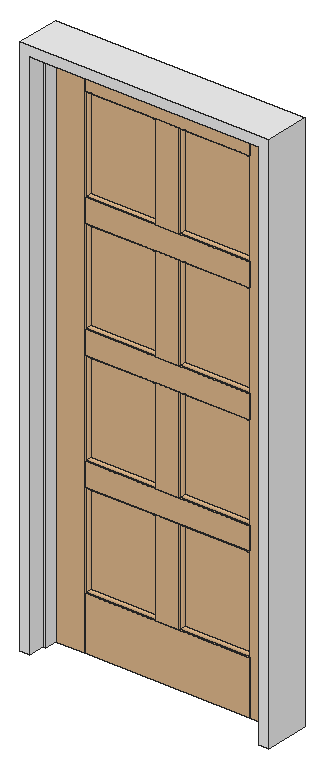
Revit family
Parameters (values of type "1 3/4" Flat Panel")
  URL = "http://www.karonadoor.com"
  Thickness Note = "Do not edit thickness."  # constant formula
  Thickness = 1.774"
  Swing Angle 2D = 90.00°
  SmartBIM Object Version = 1  # constant formula
  SmartBIM Object Created By = "Reed Construction Data"  # constant formula
  Rough Width = 0.000"
  Rough Height = 1.750"
  Panel = Panel_K5810_Karona : 1 3/4" - Flat Panel
  Model = "K5810 Ovolo"  # constant formula
  Manufacturer = "Karona , Inc."  # constant formula
  Detail Door Thickness = 1.750"
  Assembly Code = ""
  Top Rail Height = 5.000"
  Top Rail = Wood, Cherry - Grain Horizontal
  Stile Width = 5.063"
  Stile = Wood, Cherry - Grain Vertical
  Sticking = Wood, Cherry - Grain Vertical
  Middle Rail = Wood, Cherry - Grain Horizontal
  Height = 84.000"
  Wall Closure = (empty or 0)
  Width = 36.000"
  Frame = Metal
  Bottom Rail Height = 8.500"
  Bottom Rail = Wood, Cherry - Grain Horizontal
  95 CSI = "08210"  # constant formula
  04 CSI = "08 14 33"  # constant formula
Types (9): name | Thickness | Rough Height | Panel | Detail Door Thickness
  1 3/4" Flat Panel | 1.774" | 1.750" | Panel_K5810_Karona : 1 3/4" - Flat Panel | 1.750"
  1 3/8" Flat Panel | 1.334" | 0.000" | Panel_K5810_Karona : 1 3/8" - Flat Panel | 1.375"
  2 1/4" Flat Panel | 2.250" | 0.000" | Panel_K5810_Karona : 2 1/4" - Flat Panel | 2.250"
  1 3/4" Glass Panel | 1.774" | 1.750" | Panel_K5810_Karona : 1 3/4" - Glass Panel | 1.750"
  1 3/8" Glass Panel | 1.334" | 0.000" | Panel_K5810_Karona : 1 3/8" - Glass Panel | 1.375"
  2 1/4" Glass Panel | 2.250" | 0.000" | Panel_K5810_Karona : 2 1/4" - Glass | 2.250"
  1 3/4" Raised Panel | 1.774" | 1.750" | Panel_K5810_Karona : 1 3/4" - Raised Panel | 1.750"
  1 3/8" Raised Panel | 1.334" | 0.000" | Panel_K5810_Karona : 1 3/8" - Raised Panel | 1.375"
  2 1/4" Raised Panel | 2.250" | 0.000" | Panel_K5810_Karona : 2 1/4" - Raised Panel | 2.250"
Reference planes (in)
  plane 1 "Center (Front/Back)": y = 0
  plane 2 "Center (Left/Right)": x = 0
  plane 3 "Left": x = -18
  plane 4 "Right": x = 18
  plane 5 "Top": z = 84
  plane 6 "Exterior Edge of Frame": y = 3.5
  plane 7 "Interior Edge of Frame": y = -3.5
  plane 8: y = 1
  plane 9: y = -1
  plane 10 "Opening Left": x = -19.5
  plane 11 "Opening Right": x = 19.5
  plane 12 "Top of Opening": z = 85.5
  plane 13: x = -17.5
Forms (in)
  Sweep 1, solid, material "Metal" <- "Frame"
    path origin (0, 0, 0) x (1, 0, 0) y (0, 0, 1)
      loop
        line (-19.5, 0) -> (-19.5, 85.5) -> (19.5, 85.5) -> (19.5, 0)
    profile origin (-19.5, 0, 42.75) x (-1, 0, 0) y (0, -1, 0)
      loop
        line (0, -3.5) -> (0, 3.5) -> (-1.5, 3.5) -> (-1.5, 1) -> (-2, 1) -> (-2, -1) -> (-1.5, -1) -> (-1.5, -3.5) -> (0, -3.5)
Lines and regions (in)
  Opening 1
    outline origin (-90, -3, 0) x (1, 0, 0) y (0, 0, 1)
      loop
        line (70.5, 0) -> (109.5, 0) -> (109.5, 85.5) -> (70.5, 85.5) -> (70.5, 0)
  symbolic lines, style "Elevation Swing"
    curve 1: line (18, 3, 0) -> (-18, 3, 42)
    curve 2: line (-18, 3, 42) -> (18, 3, 84)
Text (in)
  text "Exterior" at (-46.13199, 20.20143, 0), in view "Ref. Level"
  text "Interior" at (-46.13199, -10.56751, 0), in view "Ref. Level"
  text "Exterior" at (0, 40.15149, 123.01588), in view "Right"
  text "Interior" at (0, -64.39139, 123.01588), in view "Right"
  text "Interior" at (0, -31.01599, 123.00693), in view "Left"
  text "Exterior" at (0, 54.57065, 123.00693), in view "Left"
Dimensions and locks (in)
  "Height": level to plane 5 "Top"
  "Width": plane 3 "Left" to plane 4 "Right"
  equal spacing: host wall, curve 2, plane 5 "Top"
  locked: host wall to plane 7 "Interior Edge of Frame" at 0.5
  locked: plane 6 "Exterior Edge of Frame" to host wall at 0.5
  locked: plane 9 to plane 7 "Interior Edge of Frame" at 2.5
  locked: plane 6 "Exterior Edge of Frame" to plane 8 at 2.5
  equal spacing: plane 3 "Left", plane 2 "Center (Left/Right)", plane 4 "Right"
  locked: plane 4 "Right" to plane 11 "Opening Right" at 1.5
  locked: plane 5 "Top" to plane 12 "Top of Opening" at 1.5
  locked: plane 3 "Left" to plane 13 at 0.5
  locked: plane 10 "Opening Left" to plane 3 "Left" at 1.5
  aligned and locked: Opening 1 sketch curve to level
  aligned and locked: plane 4 "Right" to curve 1
  aligned and locked: plane 3 "Left" to curve 1
  aligned and locked: plane 5 "Top" to curve 2
  aligned and locked: Opening 1 sketch curve to plane 11 "Opening Right"
  aligned and locked: plane 12 "Top of Opening" to Opening 1 sketch curve
  aligned and locked: Opening 1 sketch curve to plane 10 "Opening Left"
  aligned and locked: plane 10 "Opening Left" to Sweep 1 sketch curve
  aligned and locked: plane 12 "Top of Opening" to Sweep 1 sketch curve
  aligned and locked: plane 11 "Opening Right" to Sweep 1 sketch curve
  aligned and locked: level to Sweep 1 sketch curve  (x2)
  aligned and locked: Sweep 1 sketch curve to plane 10 "Opening Left"
  aligned and locked: Sweep 1 sketch curve to plane 6 "Exterior Edge of Frame"
  aligned and locked: Sweep 1 sketch curve to plane 7 "Interior Edge of Frame"
  aligned and locked: Sweep 1 sketch curve to plane 8
  aligned and locked: Sweep 1 sketch curve to plane 9
  aligned and locked: plane 13 to Sweep 1 sketch curve
  aligned and locked: plane 3 "Left" to Sweep 1 sketch curve  (x2)
  aligned and locked: nested 1 to plane 2 "Center (Left/Right)"
  aligned and locked: nested 1 to plane 8  (x2)
  aligned and locked: nested 2 to plane 3 "Left"
  aligned and locked: nested 2 to plane 8
Automatic sketch dimensions
  curve 1 to level = 0.000"
  curve 2 to plane 4 "Right" = 0.000"
Nested families (in)
  nested 1: "Panel_K5810_Karona" at (-13.5, 0.6591, 0) x (-1, 0, 0) z (0, 0, 1), type <- "Panel", type "1 3/4" - Flat Panel"
    with Stile Width 5.063", Panel Width 11.1245", Half Panel Width 5.56225"
  nested 2: "Door Panel Plan View" at (-31.5, 1, 0) x (-1, 0, 0) z (0, 0, 1), type "Door Panel Plan View"
    with Thickness 1.750", Height 84.000"
Definition of nested family "Panel_K5810_Karona"
  Parameters (values of type "2 1/4" - Raised Panel")
    Width = 36.000"
    Top Rail Material = Wood, Cherry - Grain Horizontal
    Top Rail Height = 5.000"
    Top Panel Offset = Top Rail Height + Half Panel Height  # 12.45313"
    Thickness Note = "Do not change door thickness"  # constant formula
    Thickness = 2.250"
    Stile Width = 5.063"
    Stile Material = Wood, Cherry - Grain Vertical
    Sticking Material = Wood, Cherry - Grain Vertical
    Panel Width = (Width - (Stile Width + Stile Width + Mullion Width)) / 2  # 11.1245"
    Panel Height = (Height - (Bottom Rail Height + Top Rail Height) - (3 * Mullion Width)) / 4  # 14.90625"
    Panel = Glass-Sticking-Assembly-Ovolo_Karona : Raised Panel
    Mullion Width = 3.625"  # constant formula
    Interior Panel = Wood, Cherry - Grain Vertical
    Height = 84.000"
    Half Panel Width = 0.5 * Panel Width  # 5.56225"
    Half Panel Height = 0.5 * Panel Height  # 7.45313"
    Exterior Edge - Glass Bottom Offset = if(Thickness = 1.774", 0.567", if(Thickness = 2.250", 0.803", 0.469"))  # 0.803"
    Door Panel Material = Wood, Cherry - Grain Vertical
    Default Elevation = 0.000"  # constant formula
    Cross Rail and Panel Spacing Start = Half Panel Height + 0.5 * (3.625")  # 9.26562"
    Cross Rail Panel Height = Panel Height + 3.625"  # 18.53125"
    Bottom Rail Material = Wood, Cherry - Grain Horizontal
    Bottom Rail Height = 8.500"
    Assembly Code = ""
  Types (9): name | Thickness | Stile Width | Panel Width | Panel | Interior Panel | Half Panel Width | Exterior Edge - Glass Bottom Offset
    2 1/4" - Flat Panel | 2.250" | 5.250" | 10.9375" | Glass-Sticking-Assembly-Ovolo_Karona : Flat Panel | Wood, Cherry - Grain Vertical | 5.46875" | 0.803"
    2 1/4" - Glass | 2.250" | 5.250" | 10.9375" | Glass-Sticking-Assembly-Ovolo_Karona : Glass Panel | Glass | 5.46875" | 0.803"
    2 1/4" - Raised Panel | 2.250" | 5.063" | 11.1245" | Glass-Sticking-Assembly-Ovolo_Karona : Raised Panel | Wood, Cherry - Grain Vertical | 5.56225" | 0.803"
    1 3/4" - Raised Panel | 1.774" | 5.250" | 10.9375" | Glass-Sticking-Assembly-Ovolo_Karona : Raised Panel | Wood, Cherry - Grain Vertical | 5.46875" | 0.567"
    1 3/4" - Flat Panel | 1.774" | 5.250" | 10.9375" | Glass-Sticking-Assembly-Ovolo_Karona : Flat Panel | Wood, Cherry - Grain Vertical | 5.46875" | 0.567"
    1 3/4" - Glass Panel | 1.774" | 5.250" | 10.9375" | Glass-Sticking-Assembly-Ovolo_Karona : Glass Panel | Glass | 5.46875" | 0.567"
    1 3/8" - Raised Panel | 1.334" | 5.250" | 10.9375" | Glass-Sticking-Assembly-Ovolo_Karona : Raised Panel | Wood, Cherry - Grain Vertical | 5.46875" | 0.469"
    1 3/8" - Glass Panel | 1.334" | 5.250" | 10.9375" | Glass-Sticking-Assembly-Ovolo_Karona : Glass Panel | Glass | 5.46875" | 0.469"
    1 3/8" - Flat Panel | 1.334" | 5.250" | 10.9375" | Glass-Sticking-Assembly-Ovolo_Karona : Flat Panel | Wood, Cherry - Grain Vertical | 5.46875" | 0.469"
  Reference planes (in)
    plane 1 "Center (Front/Back)": y = 1.4659
    plane 2: z = 0
    plane 3 "Center (Left/Right)": x = -13.5
    plane 4 "Left": x = -31.5
    plane 5: x = 4.5
    plane 6 "Inner Left": x = -26.437
    plane 7 "Inner Right": x = -0.563
    plane 8: z = 8.5
    plane 9 "Bottom Of Top Rail": z = 79
    plane 10 "Top": z = 84
    plane 11 "Interior Edge of Door": y = 2.5909
    plane 12: z = 79
    plane 13 "Exterior Edge of Door": y = 0.3409
    plane 14 "Bottom of Glass": y = 0.9095
    plane 15 "Left Panel Vertical Midline": x = -20.87475
    plane 16 "Right Panel Vertical Midline": x = -6.12525
    plane 17 "Center of Left Vertical Mullion": x = -17.18738
    plane 18 "Center of Right Vertical Mullion": x = -9.81263
    plane 19 "Horizontal Midline Panel 2": z = 66.78125
    plane 20 "Horizontal Midline Panel 3": z = 45.5625
    plane 21 "Horizontal Midline Panel 4": z = 41.9375
    plane 22 "Horizontal Midline Panel 5": z = 25.21875
    plane 23 "Cross Rail 3": z = 46
    plane 24 "Cross Rail 4": z = 27.03125
    plane 25 "Cross Rail Bottom": z = 23.40625
    plane 26 "Horizontal Midline Panel 6": z = 15.95313
    plane 27: z = 71.54688
    plane 28 "Cross Rail 2": z = 60.46875
    plane 29 "Cross Rail Top": z = 64.09375
    plane 30: z = 53.01563
    plane 31: z = 34.48438
    plane 32: x = -15.313
    plane 33: x = -11.688
  Forms (in)
    Extrusion 1, solid, material "Wood, Cherry - Grain Horizontal" <- "Bottom Rail Material"
      sketch origin (0, -101.3125, 0) x (1, 0, 0) y (0, 0, 1)
        loop
          line (-26.437, 0) -> (-0.563, 0) -> (-0.563, 8.5) -> (-26.437, 8.5) -> (-26.437, 0)
      from -101.6534 to -103.9034
    Extrusion 2, solid, material "Wood, Cherry - Grain Vertical" <- "Stile Material"
      sketch origin (0, 1.4659, 0) x (1, 0, 0) y (0, 0, 1)
        loop
          line (-31.5, 84) -> (-31.5, 0) -> (-26.437, 0) -> (-26.437, 84) -> (-31.5, 84)
        loop
          line (-0.563, 0) -> (4.5, 0) -> (4.5, 84) -> (-0.563, 84) -> (-0.563, 0)
      from 1.125 to -1.125
    Extrusion 3, solid, material "Wood, Cherry - Grain Horizontal" <- "Top Rail Material"
      sketch origin (0, 1.4659, 0) x (1, 0, 0) y (0, 0, 1)
        loop
          line (-26.437, 84) -> (-26.437, 79) -> (-0.563, 79) -> (-0.563, 84) -> (-26.437, 84)
      from 1.125 to -1.125
    Extrusion 4, solid, material "Wood, Cherry - Grain Horizontal" <- "Top Rail Material"
      sketch origin (-0.8, 1.5475, 78.95) x (0, 0, -1) y (0, -1, 0)
        loop
          line (14.85625, -1.0434) -> (18.48125, -1.0434) -> (18.48125, 1.2066) -> (14.85625, 1.2066) -> (14.85625, -1.0434)
        loop
          line (55.54375, 1.2066) -> (51.91875, 1.2066) -> (51.91875, -1.0434) -> (55.54375, -1.0434) -> (55.54375, 1.2066)
        loop
          line (33.3875, -1.0434) -> (37.0125, -1.0434) -> (37.0125, 1.2066) -> (33.3875, 1.2066) -> (33.3875, -1.0434)
      from -0.237 to 25.637
    Extrusion 5, solid, material "Wood, Cherry - Grain Vertical" <- "Stile Material"
      sketch origin (0, 1.4659, 0) x (1, 0, 0) y (0, 0, 1)
        loop
          line (-15.313, 79) -> (-15.313, 64.09375) -> (-11.688, 64.09375) -> (-11.688, 79) -> (-15.313, 79)
        loop
          line (-15.313, 8.5) -> (-11.688, 8.5) -> (-11.688, 23.40625) -> (-15.313, 23.40625) -> (-15.313, 8.5)
        loop
          line (-15.313, 60.46875) -> (-15.313, 45.5625) -> (-11.688, 45.5625) -> (-11.688, 60.46875) -> (-15.313, 60.46875)
        loop
          line (-15.313, 41.9375) -> (-15.313, 27.03125) -> (-11.688, 27.03125) -> (-11.688, 41.9375) -> (-15.313, 41.9375)
      from -1.125 to 1.125
  Text (in)
    text "EXTERIOR" at (-34.59289, -1.27941, 0), in view "Ref. Level"
    text "EXTERIOR" at (0, -9.65287, 72.76687), in view "Left"
    text "EXTERIOR" at (0, -33.33473, 96.68074), in view "Right"
  Dimensions and locks (in)
    equal spacing: plane 4 "Left", plane 3 "Center (Left/Right)", plane 5
    "Width": plane 4 "Left" to plane 5
    "Stile Width": plane 4 "Left" to plane 6 "Inner Left"
    "Stile Width": plane 5 to plane 7 "Inner Right"
    "Bottom Rail Height": plane 8 to plane 2
    "Top Rail Height": plane 10 "Top" to plane 9 "Bottom Of Top Rail"
    "Height": plane 10 "Top" to plane 2
    equal spacing: plane 11 "Interior Edge of Door", plane 1 "Center (Front/Back)", plane 13 "Exterior Edge of Door"
    "Thickness": plane 11 "Interior Edge of Door" to plane 13 "Exterior Edge of Door"
    plane 14 "Bottom of Glass" to plane 13 "Exterior Edge of Door" = 0.5686"
    plane 13 "Exterior Edge of Door" to plane 14 "Bottom of Glass" = 0.5686"
    "Half Panel Width": plane 15 "Left Panel Vertical Midline" to plane 6 "Inner Left"
    "Half Panel Width": plane 7 "Inner Right" to plane 16 "Right Panel Vertical Midline"
    equal spacing: plane 3 "Center (Left/Right)", plane 17 "Center of Left Vertical Mullion", plane 15 "Left Panel Vertical Midline"
    equal spacing: plane 16 "Right Panel Vertical Midline", plane 18 "Center of Right Vertical Mullion", plane 3 "Center (Left/Right)"
    "Half Panel Height": plane 26 "Horizontal Midline Panel 6" to plane 8
    "Half Panel Height": plane 31 to plane 24 "Cross Rail 4"
    "Half Panel Height": plane 30 to plane 20 "Horizontal Midline Panel 3"
    "Mullion Width": plane 20 "Horizontal Midline Panel 3" to plane 21 "Horizontal Midline Panel 4"
    "Mullion Width": plane 29 "Cross Rail Top" to plane 28 "Cross Rail 2"
    "Mullion Width": plane 24 "Cross Rail 4" to plane 25 "Cross Rail Bottom"
    "Half Panel Height": plane 27 to plane 29 "Cross Rail Top"
    "Thickness": Extrusion 4 sketch curve to Extrusion 4 sketch curve  (x3)
    "Mullion Width": Extrusion 4 sketch curve to Extrusion 4 sketch curve  (x3)
    equal spacing: plane 12, plane 27, plane 29 "Cross Rail Top"
    equal spacing: plane 28 "Cross Rail 2", plane 30, plane 20 "Horizontal Midline Panel 3"
    equal spacing: plane 21 "Horizontal Midline Panel 4", plane 31, plane 24 "Cross Rail 4"
    plane 25 "Cross Rail Bottom" to plane 26 "Horizontal Midline Panel 6" to plane 8 = 7.45313", 7.45313"
    equal spacing: plane 19 "Horizontal Midline Panel 2", plane 23 "Cross Rail 3", plane 22 "Horizontal Midline Panel 5"
    equal spacing: plane 24 "Cross Rail 4", plane 22 "Horizontal Midline Panel 5", plane 25 "Cross Rail Bottom"
    "Mullion Width": plane 33 to plane 32
    aligned and locked: Extrusion 1 to plane 2
    aligned and locked: plane 4 "Left" to Extrusion 2 sketch curve
    aligned and locked: Extrusion 2 sketch curve to plane 10 "Top"
    aligned and locked: Extrusion 2 sketch curve to Extrusion 1  (x3)
    aligned and locked: Extrusion 1 to Extrusion 2 sketch curve
    aligned and locked: plane 10 "Top" to Extrusion 2 sketch curve
    aligned and locked: plane 5 to Extrusion 2 sketch curve
    aligned and locked: Extrusion 2 to Extrusion 3 sketch curve
    aligned and locked: Extrusion 3 sketch curve to Extrusion 2
    aligned and locked: plane 12 to plane 9 "Bottom Of Top Rail"
    aligned and locked: level to plane 2
    aligned and locked: Extrusion 3 to plane 12  (x2)
    aligned and locked: Extrusion 1 to Extrusion 2
    aligned and locked: nested 1 to plane 16 "Right Panel Vertical Midline"
    aligned and locked: plane 16 "Right Panel Vertical Midline" to nested 4
    aligned and locked: plane 16 "Right Panel Vertical Midline" to nested 3
    aligned and locked: plane 16 "Right Panel Vertical Midline" to nested 2
    aligned and locked: plane 8 to Extrusion 1  (x2)
    aligned and locked: nested 1 to plane 1 "Center (Front/Back)"
    aligned and locked: nested 2 to plane 1 "Center (Front/Back)"
    aligned and locked: nested 3 to plane 1 "Center (Front/Back)"
    aligned and locked: plane 11 "Interior Edge of Door" to Extrusion 3
    aligned and locked: Extrusion 3 to plane 13 "Exterior Edge of Door"
    aligned and locked: Extrusion 2 to plane 13 "Exterior Edge of Door"
    aligned and locked: plane 11 "Interior Edge of Door" to Extrusion 2
    aligned and locked: plane 29 "Cross Rail Top" to Extrusion 4 sketch curve
    aligned and locked: Extrusion 4 sketch curve to plane 13 "Exterior Edge of Door"
    aligned and locked: Extrusion 4 sketch curve to plane 21 "Horizontal Midline Panel 4"
    aligned and locked: Extrusion 4 sketch curve to plane 25 "Cross Rail Bottom"
    aligned and locked: plane 28 "Cross Rail 2" to Extrusion 4
    aligned and locked: Extrusion 1 to plane 13 "Exterior Edge of Door"
    aligned and locked: plane 11 "Interior Edge of Door" to Extrusion 1
    aligned and locked: Extrusion 5 sketch curve to plane 12
    aligned and locked: Extrusion 5 sketch curve to plane 8
    aligned and locked: plane 29 "Cross Rail Top" to Extrusion 5 sketch curve
    aligned and locked: plane 28 "Cross Rail 2" to Extrusion 5 sketch curve
    aligned and locked: Extrusion 5 sketch curve to plane 20 "Horizontal Midline Panel 3"
    aligned and locked: Extrusion 5 sketch curve to plane 21 "Horizontal Midline Panel 4"
    aligned and locked: Extrusion 5 sketch curve to plane 24 "Cross Rail 4"
    aligned and locked: Extrusion 5 sketch curve to plane 25 "Cross Rail Bottom"
    aligned and locked: plane 11 "Interior Edge of Door" to Extrusion 5
    aligned and locked: Extrusion 5 to plane 13 "Exterior Edge of Door"
    aligned and locked: plane 33 to Extrusion 5 sketch curve  (x4)
    aligned and locked: Extrusion 5 sketch curve to plane 32  (x4)
    aligned and locked: Extrusion 5 to plane 32  (x4)
    aligned and locked: nested 6 to plane 31
    aligned and locked: nested 7 to plane 30
    aligned and locked: nested 5 to plane 26 "Horizontal Midline Panel 6"
    aligned and locked: nested 8 to plane 27
    aligned and locked: plane 27 to nested 4
    aligned and locked: Extrusion 4 to plane 6 "Inner Left"
    aligned and locked: plane 7 "Inner Right" to Extrusion 4
    aligned and locked: plane 15 "Left Panel Vertical Midline" to nested 8
    aligned and locked: plane 15 "Left Panel Vertical Midline" to nested 7
    aligned and locked: plane 15 "Left Panel Vertical Midline" to nested 6
    aligned and locked: nested 5 to plane 15 "Left Panel Vertical Midline"
    aligned and locked: plane 31 to nested 2
    aligned and locked: plane 30 to nested 3
    aligned and locked: plane 26 "Horizontal Midline Panel 6" to nested 1
  Automatic sketch dimensions
    Extrusion 1 sketch curve to plane 6 "Inner Left" = 0.000"
    Extrusion 1 sketch curve to plane 7 "Inner Right" = 0.000"
    Extrusion 1 sketch curve to level = 0.000"
    Extrusion 1 sketch curve to plane 8 = 0.000"
    Extrusion 3 sketch curve to plane 7 "Inner Right" = 0.000"
    plane 9 "Bottom Of Top Rail" to Extrusion 3 sketch curve = 0.000"
    Extrusion 4 sketch curve to Extrusion 4 sketch curve = 0.000"  (x2)
  Nested families (in)
    nested 1: "Glass-Sticking-Assembly-Ovolo_Karona" at (-6.594, 1.6144, 8.5), Width <- "Panel Width", Height <- "Panel Height", type <- "Panel", type "Raised Panel"
      with Width 11.1245", Height 14.90625", Stop Adjustment 0.513", Door Thickness 2.250", C 0.437", B 0.803", A 0.431"
    nested 2: "Glass-Sticking-Assembly-Ovolo_Karona" at (-6.594, 1.6144, 27.03125), Width <- "Panel Width", Height <- "Panel Height", type <- "Panel", type "Raised Panel"
      with Width 11.1245", Height 14.90625", Stop Adjustment 0.513", Door Thickness 2.250", C 0.437", B 0.803", A 0.431"
    nested 3: "Glass-Sticking-Assembly-Ovolo_Karona" at (-6.594, 1.6144, 45.5625), Width <- "Panel Width", Height <- "Panel Height", type <- "Panel", type "Raised Panel"
      with Width 11.1245", Height 14.90625", Stop Adjustment 0.513", Door Thickness 2.250", C 0.437", B 0.803", A 0.431"
    nested 4: "Glass-Sticking-Assembly-Ovolo_Karona" at (-6.594, 1.378, 64.09375), Width <- "Panel Width", Height <- "Panel Height", type <- "Panel", type "Raised Panel"
      with Width 11.1245", Height 14.90625", Stop Adjustment 0.513", Door Thickness 2.250", C 0.437", B 0.803", A 0.431"
    nested 5: "Glass-Sticking-Assembly-Ovolo_Karona" at (-20.406, 1.3764, 8.5) x (-1, 0, 0) z (0, 0, 1), Width <- "Panel Width", Height <- "Panel Height", type <- "Panel", type "Raised Panel"
      with Width 11.1245", Height 14.90625", Stop Adjustment 0.513", Door Thickness 2.250", C 0.437", B 0.803", A 0.431"
    nested 6: "Glass-Sticking-Assembly-Ovolo_Karona" at (-20.406, 1.3764, 27.03125) x (-1, 0, 0) z (0, 0, 1), Width <- "Panel Width", Height <- "Panel Height", type <- "Panel", type "Raised Panel"
      with Width 11.1245", Height 14.90625", Stop Adjustment 0.513", Door Thickness 2.250", C 0.437", B 0.803", A 0.431"
    nested 7: "Glass-Sticking-Assembly-Ovolo_Karona" at (-20.406, 1.3764, 45.5625) x (-1, 0, 0) z (0, 0, 1), Width <- "Panel Width", Height <- "Panel Height", type <- "Panel", type "Raised Panel"
      with Width 11.1245", Height 14.90625", Stop Adjustment 0.513", Door Thickness 2.250", C 0.437", B 0.803", A 0.431"
    nested 8: "Glass-Sticking-Assembly-Ovolo_Karona" at (-20.406, 1.378, 64.09375) x (-1, 0, 0) z (0, 0, 1), Width <- "Panel Width", Height <- "Panel Height", type <- "Panel", type "Raised Panel"
      with Width 11.1245", Height 14.90625", Stop Adjustment 0.513", Door Thickness 2.250", C 0.437", B 0.803", A 0.431"
  Definition of nested family "Glass-Sticking-Assembly-Ovolo_Karona"
    Parameters (values of type "Raised Panel")
      Width [instance] = 4.000"
      Vertical Profile Offset = if(Glass Panel, 0.473", 0.050")  # 0.050"
      Stop Adjustment = if(and(not(Glass Panel), Door Thickness = 1.774"), 0.513", if(and(not(Glass Panel), Door Thickness = 2.250"), 0.513", if((Glass Panel), 0.125", 0.273")))  # 0.273"
      Profile = Wood, Cherry - Grain Vertical
      Height [instance] = 23.000"
      Raised Panel = yes
      Interior Panel = Wood, Cherry - Grain Vertical
      Glass Panel = no
      Door Thickness = 1.334"
      C = if(Door Thickness = 1.774", 0.197", if(Door Thickness = 2.250", 0.437", 0.106"))  # 0.106"
      B = if(Door Thickness = 1.774", 0.567", if(Door Thickness = 2.250", 0.803", 0.469"))  # 0.469"
      Assembly Code = ""
      A = if(Door Thickness = 1.774", 0.195", if(Door Thickness = 2.250", 0.431", 0.108"))  # 0.108"
    Types (3): name | Width | Vertical Profile Offset | Stop Adjustment | Raised Panel | Glass Panel | Door Thickness | C | B | A
      Glass Panel | 5.000" | 0.473" | 0.125" | no | yes | 2.250" | 0.437" | 0.803" | 0.431"
      Flat Panel | 4.500" | 0.050" | 0.513" | no | no | 2.250" | 0.437" | 0.803" | 0.431"
      Raised Panel | 4.000" | 0.050" | 0.273" | yes | no | 1.334" | 0.106" | 0.469" | 0.108"
    Reference planes (in)
      plane 1 "Stop Adjustment Edge": y = -0.3455
      plane 2: z = 0
      plane 3 "Center (Left/Right)": x = 0.46875
      plane 4 "Back": y = 0.3945
      plane 5 "Front": y = -0.9395
      plane 6 "Left": x = -1.53125
      plane 7 "Right": x = 2.46875
      plane 8 "Top": z = 23
      plane 9 "Center (Up/Down)": z = 11.5
      plane 10 "Bottom of Stop": y = -0.0725
      plane 11 "Bottom of Glass": y = -0.4705
      plane 12 "Right Edge of Glass": x = 2.41875
      plane 13 "Left Edge of Glass": x = -1.48125
      plane 14 "Top Edge of Glass": z = 22.90625
      plane 15 "Bottom Edge of Glass": z = 0.09375
      plane 16: x = 2.34375
      plane 17 "A": y = -0.8315
      plane 18 "C": y = 0.2885
      plane 19 "Bottom Cut Line": z = 0.438
      plane 20 "Top Cut Line": z = 22.562
      plane 21 "Cut Vertical Left": x = -1.09325
      plane 22 "Cut Vertical": x = 2.03075
      plane 23 "Center (Front/Back)": y = -0.2725
    Forms (in)
      Sweep 1, solid, material "Wood, Cherry - Grain Vertical" <- "Profile"
        path origin (0, -0.3455, 0) x (1, 0, 0) y (0, 0, 1)
          loop
            line (2.46875, 23) -> (-1.53125, 23) -> (-1.53125, 0) -> (2.46875, 0) -> (2.46875, 23)
        profile origin (2.46875, -0.3455, 11.5) x (0, -1, 0) y (1, 0, 0)
          loop
            line (-0.634, 0) -> (-0.634, -0.438) -> (-0.273, -0.438) -> (-0.273, -0.05) -> (0.125, -0.05) -> (0.125, -0.44588)
            arc (0.125, -0.44588) -> (0.40126, -0.29929) -> (0.492, 0) r 0.40707
            line (0.492, 0) -> (-0.634, 0)
      Extrusion 2, solid, material "Wood, Cherry - Grain Vertical" <- "Interior Panel"
        sketch origin (0, 0, 0) x (1, 0, 0) y (0, 1, 0)
          loop
            line (-1.48125, -0.0725) -> (-1.48125, -0.4705) -> (2.41875, -0.4705) -> (2.41875, -0.0725) -> (-1.48125, -0.0725)
        from 0.09375 to 22.90625
      Extrusion 3, solid, material "Wood, Cherry - Grain Vertical" <- "Profile", visible <- "Raised Panel"
        sketch origin (0, 0, 0) x (1, 0, 0) y (0, 1, 0)
          loop
            line (2.03075, 0.2885) -> (-1.09325, 0.2885) -> (-1.09325, -0.0725) -> (2.03075, -0.0725) -> (2.03075, 0.2885)
          loop
            line (-1.09325, -0.4705) -> (-1.09325, -0.8315) -> (2.03075, -0.8315) -> (2.03075, -0.4705) -> (-1.09325, -0.4705)
        from 0.438 to 22.562
      Sweep 4, void
        path origin (0, -0.0725, 0) x (-1, 0, 0) y (0, 0, 1)
          loop
            line (1.53125, 0) -> (1.53125, 23) -> (-2.46875, 23) -> (-2.46875, 0) -> (1.53125, 0)
        profile "Profile : 05" origin (-1.53125, -0.0725, 11.5) x (1, 0, 0) y (0, 1, 0)
          loop
            line (0, 0.05) -> (0.36169, 0.05096)
            arc (0.36169, 0.05096) -> (1.01257, 0.13642) -> (1.61934, 0.387) r 2.52143
            line (1.61934, 0.387) -> (0, 0.387) -> (0, 0.05)
      Sweep 5, void
        path origin (0, -0.4705, 0) x (-1, 0, 0) y (0, 0, 1)
          loop
            line (-2.46875, 23) -> (-2.46875, 0) -> (1.53125, 0) -> (1.53125, 23) -> (-2.46875, 23)
        profile "Profile : 05" origin (2.46875, -0.4705, 11.5) x (-1, 0, 0) y (0, 1, 0)
          loop
            line (0, -0.05) -> (0, -0.387) -> (1.61934, -0.387)
            arc (1.61934, -0.387) -> (1.01257, -0.13642) -> (0.36169, -0.05096) r 2.52143
            line (0.36169, -0.05096) -> (0, -0.05)
      Sweep 6, void
        path origin (0, 0.2885, 0) x (1, 0, 0) y (0, 0, 1)
          loop
            line (-1.09325, 0.438) -> (2.03075, 0.438) -> (2.03075, 22.562) -> (-1.09325, 22.562) -> (-1.09325, 0.438)
        profile "QuarterCircleCut : QuarterCircleCut" origin (2.03075, 0.2885, 11.5) x (-1, 0, 0) y (0, -1, 0)
          loop
            arc (0.35, 0) -> (0.10251, 0.10251) -> (0, 0.35) r 0.35
            line (0, 0.35) -> (0, 0) -> (0.35, 0)
    Cuts and joins
      Sweep 4, Sweep 5 cuts Extrusion 3
      Sweep 6 cuts Sweep 1
    Text (in)
      text "INTERIOR" at (-14.3788, 3.49864, 0), in view "Ref. Level"
    Dimensions and locks (in)
      equal spacing: plane 6 "Left", plane 3 "Center (Left/Right)", plane 7 "Right"
      "Width": plane 6 "Left" to plane 7 "Right"
      "Door Thickness": plane 4 "Back" to plane 5 "Front"
      "Height": plane 8 "Top" to plane 2
      equal spacing: plane 8 "Top", plane 9 "Center (Up/Down)", level
      locked: plane 1 "Stop Adjustment Edge" to plane 11 "Bottom of Glass" at 0.125
      "Stop Adjustment": plane 10 "Bottom of Stop" to plane 1 "Stop Adjustment Edge"
      locked: plane 12 "Right Edge of Glass" to plane 7 "Right" at 0.05
      locked: plane 8 "Top" to plane 14 "Top Edge of Glass" at 0.09375
      locked: plane 15 "Bottom Edge of Glass" to level at 0.09375
      locked: plane 6 "Left" to plane 13 "Left Edge of Glass" at 0.05
      "B": plane 5 "Front" to plane 11 "Bottom of Glass"
      locked: plane 16 to plane 7 "Right" at 0.125
      "A": plane 5 "Front" to plane 17 "A"
      "C": plane 18 "C" to plane 4 "Back"
      plane 4 "Back" to Sweep 1 = 0.467"
      locked: plane 19 "Bottom Cut Line" to level at 0.438
      locked: plane 8 "Top" to plane 20 "Top Cut Line" at 0.438
      locked: plane 6 "Left" to plane 21 "Cut Vertical Left" at 0.438
      locked: plane 22 "Cut Vertical" to plane 7 "Right" at 0.438
      equal spacing: plane 4 "Back", plane 23 "Center (Front/Back)", plane 5 "Front"
      aligned and locked: Sweep 1 sketch curve to plane 7 "Right"
      aligned and locked: Sweep 1 sketch curve to plane 8 "Top"
      aligned and locked: Sweep 1 sketch curve to plane 6 "Left"
      aligned and locked: Sweep 1 sketch curve to level
      aligned and locked: plane 10 "Bottom of Stop" to Sweep 1 sketch curve
      aligned and locked: plane 11 "Bottom of Glass" to Sweep 1 sketch curve
      aligned and locked: Extrusion 2 sketch curve to plane 13 "Left Edge of Glass"
      aligned and locked: Extrusion 2 sketch curve to plane 10 "Bottom of Stop"
      aligned and locked: Extrusion 2 sketch curve to plane 11 "Bottom of Glass"
      aligned and locked: Extrusion 2 sketch curve to plane 12 "Right Edge of Glass"
      aligned and locked: plane 14 "Top Edge of Glass" to Extrusion 2
      aligned and locked: Extrusion 2 to plane 15 "Bottom Edge of Glass"
      aligned and locked: Extrusion 3 sketch curve to plane 18 "C"
      aligned and locked: Extrusion 3 sketch curve to plane 10 "Bottom of Stop"
      aligned and locked: Extrusion 3 sketch curve to plane 11 "Bottom of Glass"
      aligned and locked: Extrusion 3 sketch curve to plane 17 "A"
      aligned and locked: Extrusion 3 to plane 19 "Bottom Cut Line"
      aligned and locked: Extrusion 3 to plane 20 "Top Cut Line"
      aligned and locked: plane 12 "Right Edge of Glass" to Sweep 1 sketch curve
      aligned and locked: plane 22 "Cut Vertical" to Extrusion 3 sketch curve  (x2)
      aligned and locked: Extrusion 3 sketch curve to plane 21 "Cut Vertical Left"  (x2)
      aligned and locked: plane 22 "Cut Vertical" to Sweep 1 sketch curve
      aligned and locked: Sweep 5 sketch curve to plane 6 "Left"
      aligned and locked: plane 8 "Top" to Sweep 5 sketch curve
      aligned and locked: Sweep 5 sketch curve to plane 7 "Right"
      aligned and locked: level to Sweep 5 sketch curve
      aligned and locked: Sweep 4 sketch curve to plane 7 "Right"
      aligned and locked: plane 8 "Top" to Sweep 4 sketch curve
      aligned and locked: Sweep 4 sketch curve to plane 6 "Left"
      aligned and locked: level to Sweep 4 sketch curve
      aligned and locked: plane 18 "C" to Sweep 1 sketch curve
      aligned and locked: Sweep 6 sketch curve to plane 21 "Cut Vertical Left"
      aligned and locked: plane 22 "Cut Vertical" to Sweep 6 sketch curve
      aligned and locked: Sweep 6 sketch curve to plane 19 "Bottom Cut Line"
      aligned and locked: plane 20 "Top Cut Line" to Sweep 6 sketch curve
    Automatic sketch dimensions
      Sweep 1 sketch curve to Sweep 1 sketch curve = 0.03804"
      Sweep 1 sketch curve to Sweep 1 sketch curve = 0.367"
      plane 16 to Sweep 1 sketch curve = 0.32088"
      Sweep 1 sketch curve to profile plane = 0.000"
Definition of nested family "Door Panel Plan View"
  Parameters (values of type "Door Panel Plan View")
    Width = 36.000"
    Thickness = 2.000"
    Swing Angle 2D = 90.00°
    Height = 0.000"
    Assembly Code = ""
  Reference planes (in)
    plane 1 "Center (Front/Back)": y = 0
    plane 2: z = 0
    plane 3 "Center (Left/Right)": x = -13.5
  Lines and regions (in)
    symbolic lines, style "DoorsPanelProjection"
      curve 1: line (-13.5, 0, 0) -> (-13.5, 36, 0)
      curve 2: line (-15.5, 0, 0) -> (-15.5, 36, 0)
      curve 3: line (-13.5, 0, 0) -> (-15.5, 0, 0)
      curve 4: line (-13.5, 36, 0) -> (-15.5, 36, 0)
    symbolic lines, style "Plan Swing"
      curve 5: arc (-13.5, 36, 0) -> (-38.95584, 25.45584, 0) -> (-49.5, 0, 0) r 36
  Dimensions and locks (in)
    "Width": curve 4 to curve 3
    "Thickness": curve 1 to curve 2
    "Swing Angle 2D": angle curve 1 to plane 1 "Center (Front/Back)"
    aligned and locked: plane 1 "Center (Front/Back)" to curve 5
  Automatic sketch dimensions
    curve 3 to plane 1 "Center (Front/Back)" = 0.000"
    curve 5 to plane 3 "Center (Left/Right)" = 0.000"
    curve 3 to plane 3 "Center (Left/Right)" = 0.000"
